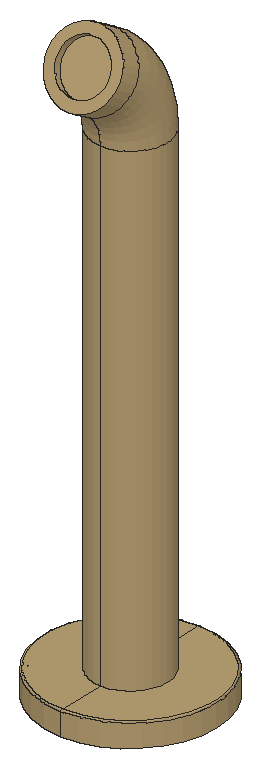
Revit family "Reece_Tap_Grohe_Essence New_Bath Outlet_230mm", category Plumbing Fixtures, host Face, Revit 2018
Family settings
  Host = Face
  Round Connector Dimension = Use Diameter
  Part Type = Normal
  Cut with Voids When Loaded = No
  Shared = Yes
  Room Calculation Point = Yes
Parameters (values of type "Brushed Cool Sunrise")
  WFU = 0  # constant formula
  URL = "https://www.reece.com.au/product/-2217365"
  Type Comments = "Tap"
  Reece_Tap_Reach = 221 mm  # constant formula
  Reece_Tap_Inlet = 12 mm  # constant formula
  Reece_Stand_Baseplate_Radius = 32.5 mm  # constant formula
  Reece_Product_Web Page = "https://www.reece.com.au/product/-2217365"
  Reece_Product_Type = "Tap"  # constant formula
  Reece_Product_Sub Brand = "Essence New"  # constant formula
  Reece_Product_Number = "2217365"
  Reece_Product_Mount = "Wall Mounted"
  Reece_Product_Description = "Grohe Essence New Bath Outlet 230mm Brushed Cool Sunrise"
  Reece_Product_Brand = "Grohe"  # constant formula
  Reece_Material-Main = Reece_Metal_Brushed_Cool Sunrise
  Reece_Detail_Shape = ""
  Reece_Detail_Installation = "Bath Outlet"  # constant formula
  Reece_Detail_Disclaimer = "THIS FILE IS THE PROPERTY OF THE REECE GROUP. IT MAY NOT BE REPRODUCED, REVERSE-ENGINEERED OR MODIFIED. ANY REPUBLICATION, TRANSMISSION OR DISTRIBUTION FOR THE PURPOSE OF COMMERCIALLY EXPLOITING THE FILES IS PROHIBITED."  # constant formula
  Reece_Detail_Connector = ""
  Reece_Detail_Additional = ""
  Reece_Baseplate_Void Cut Radius = 20 mm  # constant formula
  Model = "Essence New"
  Manufacturer = "Grohe"
  Keynote = "Product #2217365, Reece_Tap_Grohe_Essence New_Bath Outlet_230mm - Brushed Cool Sunrise"
  HWFU = 0  # constant formula
  Disclaimer = "THIS FILE IS THE PROPERTY OF THE REECE GROUP. IT MAY NOT BE REPRODUCED, REVERSE-ENGINEERED OR MODIFIED. ANY REPUBLICATION, TRANSMISSION OR DISTRIBUTION FOR THE PURPOSE OF COMMERCIALLY EXPLOITING THE FILES IS PROHIBITED."  # constant formula
  Description = "Grohe Essence New Bath Outlet 230mm Brushed Cool Sunrise"
  Default Elevation = 1000 mm
  CWFU = 0  # constant formula
Types (5, lengths in mm): name | URL | Reece_Product_Web Page | Reece_Product_Number | Reece_Product_Description | Reece_Material-Main | Keynote | Description
  (no name) | "https://www.reece.com.au/product/-2217365" | "https://www.reece.com.au/product/-2217365" | "2217365" | "Grohe Essence New Bath Outlet 230mm Brushed Cool Sunrise" | Reece_Metal_Brushed_Cool Sunrise | "Product #2217365, Reece_Tap_Grohe_Essence New_Bath Outlet_230mm -  " | "Grohe Essence New Bath Outlet 230mm Brushed Cool Sunrise"
  Chrome | "https://www.reece.com.au/product/-9508952" | "https://www.reece.com.au/product/-9508952" | "9508952" | "Grohe Essence New Bath Outlet 230mm Chrome" | Reece_Brass_Chrome | "Product #9508952, Reece_Tap_Grohe_Essence New_Bath Outlet_230mm - Chrome" | "Grohe Essence New Bath Outlet 230mm Chrome"
  Hard Graphite | "https://www.reece.com.au/product/-2217364" | "https://www.reece.com.au/product/-2217364" | "2217364" | "Grohe Essence New Bath Outlet 230mm Hard Graphite" | Reece_Metal_Hard Graphite | "Product #2217364, Reece_Tap_Grohe_Essence New_Bath Outlet_230mm - Hard Graphite" | "Grohe Essence New Bath Outlet 230mm Hard Graphite"
  Brushed Nickel | "https://www.reece.com.au/product/-2217363" | "https://www.reece.com.au/product/-2217363" | "2217363" | "Grohe Essence New Bath Outlet 230mm Brushed Nickel" | Reece_Brass_Brushed Nickel | "Product #2217363, Reece_Tap_Grohe_Essence New_Bath Outlet_230mm - Brushed Nickel" | "Grohe Essence New Bath Outlet 230mm Brushed Nickel"
  Brushed Cool Sunrise | "https://www.reece.com.au/product/-2217365" | "https://www.reece.com.au/product/-2217365" | "2217365" | "Grohe Essence New Bath Outlet 230mm Brushed Cool Sunrise" | Reece_Metal_Brushed_Cool Sunrise | "Product #2217365, Reece_Tap_Grohe_Essence New_Bath Outlet_230mm - Brushed Cool Sunrise" | "Grohe Essence New Bath Outlet 230mm Brushed Cool Sunrise"
Reference planes
  plane 1 "Center (Front/Back)": y = 0
  plane 2: z = 0
  plane 3 "Center (Left/Right)": x = 0
  plane 4: z = 221
  plane 5: through (0, -22, 221) normal (0, 0.5, 0.866)
Forms (mm)
  Revolve 1, solid, material "Reece_Metal_Brushed_Cool Sunrise" <- "Reece_Material-Main"
    sketch origin (0, 0, 23) x (0, 1, 0) y (0, 0, 1)
      loop
        line (12, -14) -> (12, -16) -> (30.456, -16) -> (30.456, -23) -> (32.5, -23) -> (32.5, -14.512)
        arc (32.5, -14.512) -> (32.35, -14.15) -> (31.988, -14) r 0.512
        line (31.988, -14) -> (12, -14)
      axis (0, -14) -> (0, -23)
    angle from 0 to 360
  Sweep 2, solid, material "Reece_Metal_Brushed_Cool Sunrise" <- "Reece_Material-Main"
    path origin (0, 0, 0) x (0, 1, 0) y (0, 0, 1)
      loop
        line (0, 0) -> (0, 190.948)
        arc (0, 190.948) -> (-4.019, 205.948) -> (-15, 216.929) r 30
        line (-15, 216.929) -> (-22.051, 221)
    profile origin (0, 0, 95.474) x (0, -1, 0) y (1, 0, 0)
      loop
        circle (0, 0) r 14
      loop
        circle (0, 0) r 10
  Extrusion 3, solid, material "Reece_Metal_Brushed_Cool Sunrise" <- "Reece_Material-Main"
    sketch origin (0, -24.649, 222.5) x (1, 0, 0) y (0, 0.5, 0.866025)
      loop
        circle (0, 0) r 10
    from -10 to -5.44
  Revolve 4, void
    sketch origin (0, 0, 39.453) x (0, 1, 0) y (0, 0, 1)
      loop
        line (-20, -39.453) -> (-20, -79.453) -> (0, -79.453) -> (0, -39.453) -> (-20, -39.453)
      axis (0, -39.453) -> (0, -79.453)
    angle from 0 to 360
Cuts and joins
  Revolve 4 cuts Revolve 1
  Revolve 4 cuts Sweep 2
  joined: Revolve 1, Sweep 2
Text (mm)
  text "Reece Copyright © 2018, Reece Ltd." at (-1164.308, -468.56, 0), in view "Ref. Level"
  text "Reece ©" at (-7.653, 198.338, 183.77), in view "Reece Preview"
Dimensions and locks
  "Reece_Stand_Baseplate_Radius": Revolve 1 sketch curve to Revolve 1 sketch curve
  "Reece_Tap_Reach": plane 4 to host face
  "Reece_Baseplate_Void Cut Radius": Revolve 4 sketch curve to Revolve 4 sketch curve
  angle plane 4 to plane 5 = 30.00°
  aligned and locked: plane 2 to host face
  aligned and locked: level to host face
  aligned and locked: Revolve 4 sketch curve to Revolve 4 sketch curve
Automatic sketch dimensions
  host sketch curve to host sketch curve = 481.758 mm
  host sketch curve to host sketch curve = 479.681 mm
  Sweep 2 sketch curve to plane 3 "Center (Left/Right)" = 0 mm
  Sweep 2 sketch curve to profile plane = 0 mm
  Sweep 2 sketch curve to Sweep 2 sketch curve = 0 mm  (x2)
  Sweep 2 sketch curve to plane 4 = 0 mm
  Sweep 2 sketch curve to plane 1 "Center (Front/Back)" = 0 mm
  Sweep 2 sketch curve to level = 0 mm
  Sweep 2 sketch curve to plane 4 = 4.071 mm
  plane 1 "Center (Front/Back)" to Sweep 2 sketch curve = 15 mm
  Sweep 2 sketch curve to plane 4 = 30.052 mm
  Sweep 2 sketch curve to Sweep 2 sketch curve = 7.051 mm
  Extrusion 3 sketch curve to Extrusion 3 sketch curve = 0 mm  (x2)
  Extrusion 3 sketch curve to plane 3 "Center (Left/Right)" = 0 mm
  Extrusion 3 sketch curve to plane 5 = 0.026 mm
  Extrusion 3 sketch curve to Extrusion 3 sketch curve = 10 mm
  Revolve 1 sketch curve to plane 1 "Center (Front/Back)" = 0 mm
  Revolve 1 sketch curve to level = 0 mm
  Revolve 1 sketch curve to plane 1 "Center (Front/Back)" = 12 mm
  Revolve 1 sketch curve to Revolve 1 sketch curve = 2.044 mm
  Revolve 1 sketch curve to Revolve 1 sketch curve = 0.512 mm
  level to Revolve 1 sketch curve = 7 mm
  Revolve 1 sketch curve to Revolve 1 sketch curve = 1.488 mm
  Revolve 1 sketch curve to level = 317.81 mm
  plane 4 to Revolve 1 sketch curve = 536.832 mm
  Revolve 4 sketch curve to level = 0 mm
  Revolve 4 sketch curve to plane 1 "Center (Front/Back)" = 0 mm
  Revolve 4 sketch curve to Revolve 4 sketch curve = 40 mm
  Revolve 4 sketch curve to Revolve 4 sketch curve = 261.356 mm
  plane 4 to Revolve 4 sketch curve = 1953.707 mm
  radius of Sweep 2 sketch curve = 14 mm
  radius of Sweep 2 sketch curve = 10 mm
Connectors
  piping at (0, 0, 0), diameter 12, driven by "Reece_Tap_Inlet"
    settings: on cut or joined group of Revolve 1, Sweep 2, Revolve 4, index 1, connector inside diameter 609.6 mm, connector length 0 mm, flow factor 0, pipe flow 0.0 L/s, pressure drop 0.0 Pa, fitting loss kfactor 0, connector angle 0.00°, fixture units 0, engagement length 0 mm, angle of deflection 0.00°, flow configuration 0, flow direction 1, fitting loss method 0, system type 29, joint type 0, gender type 0, connector reference index -1, connector utility 0, adjustable connector no, is connector primary yes, connector description ""
